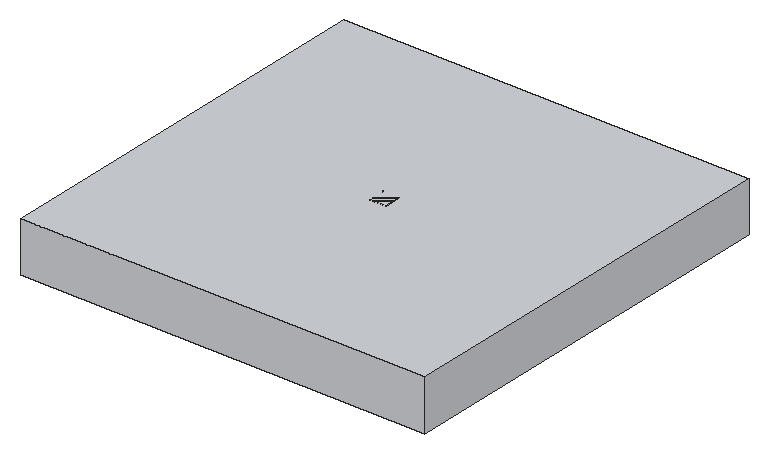
Revit family "Dreno de chuveiro - Quadrado", category Peças hidrossanitárias, Revit 2019
Family settings
  Hospedeiro = Face
  Cota do conector redondo = Usar raio
  Tipo de parte = Normal
  Corte com vazios quando carregada = Não
  Compartilhado = Não
  Ponto de cálculo do ambiente = Não
Parameters (values of type "100mm Filtro - 40mm Dreno")
  WFU = 1.1
  Raio do filtro = Comprimento do filtro / 2  # 50 mm
  Comprimento do filtro = 100.00 mm
  Altura do filtro = 2.35 mm
  Material do filtro = none
  Tamanho do tubo = 25 mm
  Altura da tubulação = 23.524 mm
  Raio do sanitário = 20 mm
  Diâmetro do sanitário = Raio do sanitário * 2  # 40 mm
  HWFU = 0
  Comprimento do dreno = 95.00 mm
  Altura do dreno = 49.65 mm
  Material da drenagem = none
  Default Elevation = 0.00 mm
  CWFU = 0
Reference planes
  plane 1 "Centro (Frente/Trás)": y = 0
  plane 2: z = 0
  plane 3 "Centro (Esquerda/Direita)": x = 0
  plane 4: z = -2.35
  plane 5: z = -52
  plane 6: x = -47.5
  plane 7: x = 47.5
  plane 8: x = -50
  plane 9: x = 50
  plane 10: y = 47.65
  plane 11: y = -47.5
  plane 12: y = -50
  plane 13: y = 47.5
  plane 14: y = 50
Forms (mm)
  Extrusion 1, solid
    sketch origin (0, 0, 0) x (1, 0, 0) y (0, 1, 0)
      loop
        line (-1219.2, 1219.2) -> (-1219.2, -1219.2) -> (1219.2, -1219.2) -> (1219.2, 1219.2) -> (-1219.2, 1219.2)
    from 0 to -304.8
  Extrusion 2, solid, material <- "Material da drenagem", detail levels fine
    sketch origin (0, 0, -28.475) x (1, 0, 0) y (0, 1, 0)
      loop
        line (-47.5, 47.65) -> (-47.5, -47.65) -> (47.5, -47.65) -> (47.5, 47.65) -> (-47.5, 47.65)
    from -23.524 to 26.126
  Extrusion 3, solid, material <- "Material do filtro", detail levels fine
    sketch origin (0, 0, -28.475) x (1, 0, 0) y (0, 1, 0)
      loop
        line (-50, 50) -> (-50, -50) -> (50, -50) -> (50, 50) -> (-50, 50)
    from 26.126 to 28.475
  Sweep 4, solid, material <- "Material da drenagem", detail levels fine
    path origin (72.5, 0, -28.475) x (-1, 0, 0) y (0, 0, -1)
      loop
        line (0, 0) -> (25, 0)
    profile origin (60, 0, -28.475) x (0, 0, -1) y (0, -1, 0)
      loop
        circle (0, 0) r 20
Cuts and joins
  joined: Extrusion 2, Sweep 4
Lines and regions (mm)
  reference lines
    curve 1: line (72.5, 0, -28.475) -> (47.5, 0, -28.475)
  model lines, detail levels coarse+medium
    curve 2: circle (0, 0, -28.475) r 50 normal (0, 0, 1)
    curve 3: line (50, 0, -28.475) -> (72.65, 0, -28.475)
    curve 4: line (72.65, 0, -28.475) -> (72.65, 35, -28.475)
    curve 5: line (72.65, 0, -28.475) -> (72.65, -35, -28.475)
Dimensions and locks
  equal spacing: plane 7, plane 3 "Centro (Esquerda/Direita)", plane 6
  "Altura do dreno": plane 4 to plane 5
  "Altura do filtro": Extrusion 1 to plane 4
  equal spacing: plane 13, plane 1 "Centro (Frente/Trás)", plane 11
  "Comprimento do dreno": plane 7 to plane 6
  "Altura da tubulação": curve 1 to plane 5
  "Comprimento do filtro": plane 14 to plane 12
  "Comprimento do filtro": plane 9 to plane 8
  "Comprimento do dreno": plane 13 to plane 11
  "Tamanho do tubo": plane 7 to curve 1
  "Raio do sanitário": radius of Sweep 4 sketch curve
  aligned and locked: plane 2 to Extrusion 1
  aligned and locked: level to Extrusion 1
  aligned and locked: plane 7 to Sweep 4 sketch curve
  aligned and locked: Sweep 4 sketch curve to curve 1
Automatic sketch dimensions
  Extrusion 1 sketch curve to Extrusion 1 sketch curve = 2438.40 mm  (x2)
  Extrusion 2 sketch curve to plane 6 = 0.00 mm
  Extrusion 2 sketch curve to plane 7 = 0.00 mm
  plane 1 "Centro (Frente/Trás)" to Extrusion 2 sketch curve = 47.65 mm
  Extrusion 2 sketch curve to plane 1 "Centro (Frente/Trás)" = 47.65 mm
  Extrusion 3 sketch curve to plane 8 = 0.00 mm
  Extrusion 3 sketch curve to plane 9 = 0.00 mm
  plane 1 "Centro (Frente/Trás)" to Extrusion 3 sketch curve = 50.00 mm
  Extrusion 3 sketch curve to plane 1 "Centro (Frente/Trás)" = 50.00 mm
  plane 7 to curve 1 = 0.00 mm
  Sweep 4 sketch curve to profile plane = 0.00 mm  (x2)
  Sweep 4 sketch curve to curve 1 = 0.00 mm
  plane 1 "Centro (Frente/Trás)" to curve 2 = 0.00 mm
  curve 2 to plane 3 "Centro (Esquerda/Direita)" = 0.00 mm
  plane 1 "Centro (Frente/Trás)" to curve 3 = 0.00 mm
  curve 3 to plane 9 = 0.00 mm
  curve 3 to curve 4 = 22.65 mm
  plane 11 to curve 5 = 12.50 mm
  plane 13 to curve 4 = 12.50 mm
Connectors
  piping at (72.5, 0, -28.475), diameter 40, driven by "Raio do sanitário", driven by "WFU"
    settings: on Sweep 4, index 1, connector inside diameter 40 mm, connector length 0.00 mm, flow factor 0, pipe flow 0 GPM, pressure drop 0.00 psi, fitting loss kfactor 0, connector angle 0.00°, fixture units 1.1, engagement length 0.00 mm, angle of deflection 0.00°, flow configuration 3, flow direction 2, fitting loss method 0, system type 16, joint type 0, gender type 0, connector reference index -1, connector utility 0, adjustable connector no, is connector primary yes, connector description ""
